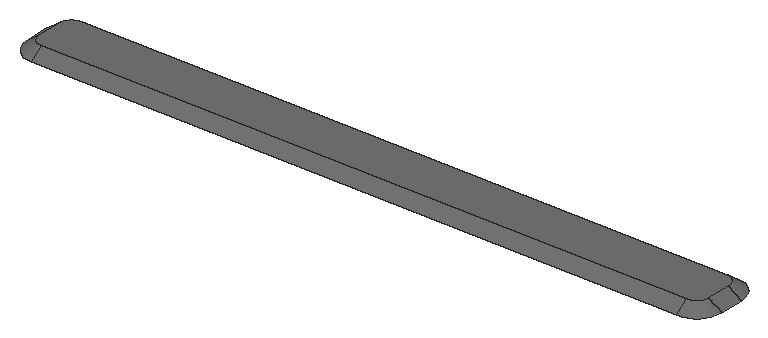
Revit family "Taktila - Objekt 2 - (Lang 280mm) - NCS8000", category Generic Models, Revit 2023
Family settings
  Can host rebar = No
  Round Connector Dimension = Use Diameter
  Part Type = Normal
  Work Plane-Based = No
  Always vertical = Yes
  Cut with Voids When Loaded = No
  Maintain Annotation Orientation = No
  Shared = No
  Room Calculation Point = No
Parameters
  Sklisikkerhet [instance] = "R10 (Ihht. DIN 51130-2104)"
  Materiale [instance] = "Resirkulert nylon plast. PA 15%gf"
  Mål [instance] = "L: 280mm / B: 30mm / H: 3,6mm - Ø: 30mm / H: 3,6mm"
  Material [instance] = Taktila - Antrasitt Grå
  Innfesting [instance] = "3M™ VHB™ tape"
  Farge [instance] = "NCS 8000-N - Antrasitt Grå"
  EDP [instance] = "Miljødeklarasjon"
  Default Elevation = 0 mm
Reference planes
  plane 1 "Center (Front/Back)": y = 0
  plane 2: z = 0
  plane 3 "Center (Left/Right)": x = 0
Forms (mm)
  Blend 1, solid, material "Taktila - Antrasitt Grå"
    base sketch origin (0, 0, 0) x (1, 0, 0) y (0, 1, 0)
      loop
        arc (-130, 15) -> (-137.071, 12.071) -> (-140, 5) r 10
        line (-140, 5) -> (-140, -5)
        arc (-140, -5) -> (-137.071, -12.071) -> (-130, -15) r 10
        line (-130, -15) -> (130, -15)
        arc (130, -15) -> (137.071, -12.071) -> (140, -5) r 10
        line (140, -5) -> (140, 5)
        arc (140, 5) -> (137.071, 12.071) -> (130, 15) r 10
        line (130, 15) -> (-130, 15)
    top sketch origin (0, 0, 0) x (1, 0, 0) y (0, 1, 0)
      loop
        arc (-130, 10) -> (-133.536, 8.536) -> (-135, 5) r 5
        line (-135, 5) -> (-135, -5)
        arc (-135, -5) -> (-133.536, -8.536) -> (-130, -10) r 5
        line (-130, -10) -> (130, -10)
        arc (130, -10) -> (133.536, -8.536) -> (135, -5) r 5
        line (135, -5) -> (135, 5)
        arc (135, 5) -> (133.536, 8.536) -> (130, 10) r 5
        line (130, 10) -> (-130, 10)
    from 0 to 3.6
Dimensions and locks
  aligned and locked: level to plane 2
